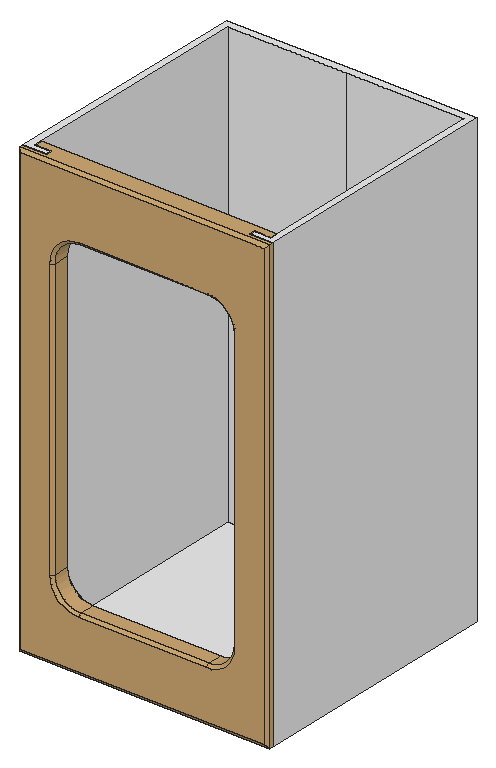
Revit family "Sanitary_Dispenser_Dandent_MSH200_Masks-Dispenser", category Furniture, Revit 2017
Family settings
  OmniClass Number = 23.40.70.11.14.21
  OmniClass Title = Health Care Furniture
  Work Plane-Based = No
  Always vertical = Yes
  Cut with Voids When Loaded = No
  Shared = No
  Room Calculation Point = No
Parameters (values of type "Mask dispenser - MSH200")
  WarrantyStartDate [instance] = "n/a"
  WarrantyGuarantorParts = "n/a"
  WarrantyGuarantorLabor = "n/a"
  WarrantyDurationUnit = "Year"
  WarrantyDurationParts = "n/a"
  WarrantyDurationLabor = "n/a"
  WarrantyDescription = "n/a"
  VersionDate = "12/09/2019"  # constant formula
  Version = "1"  # constant formula
  Uniclass2015Reference = "Pr_40_20_76"
  Uniclass2015Description = "Sanitary accessories"
  Uniclass2 = "Pr_40_30_76"
  URL = "https://www.dandent.se/produkter/tillbehor"
  Type Comments = ""
  TagNumber [instance] = "n/a"
  SustainabilityPerformance = "n/a"
  Style = "n/a"
  Size = "108x113x195 mm"
  Shape = "Rectangular"
  SerialNumber [instance] = "n/a"
  Revision = "n/a"
  ReplacementCost = "n/a"
  ProductInformation = "n/a"
  Product data url = "https://www.bimobject.com/dandent/product/mouthpiece_holder_msh200"
  NominalLength = 108 mm
  NominalHeight = 195 mm
  NominalDepth = 113 mm
  Name = "Dandent_MSH200_Masks-Dispenser"
  NBSReference = "45-35-72/342"
  NBSDescription = "Paper roll dispensers"
  ModelReference = "n/a"
  ModelNumber = "MSH200"
  Material = "Plastic, wood"
  ManufacturerURL = "https://www.dandent.se/"
  ManufacturerName = "Dandent"
  Model = "Mask dispenser - MSH200"
  Manufacturer = "Dandent"
  MainColor = "White"
  InstallationDate [instance] = "n/a"
  IfcExportType = "UNDEFINED"  # constant formula
  IfcExportAs = "IfcFurnitureType"  # constant formula
  Grade = "n/a"
  Finish = "Front in white or compact laminate wood. Available in beech, birch and oak."
  Features = "n/a"
  ExpectedLife = "n/a"
  DurationUnit = "Year"
  DispenserSecondaryMaterial = Plastic, Opaque White
  DispenserMainMaterial [instance] = Glue-Laminated Timber
  Cost = 0
  ConvergoRefNr = "0151-1909-0006-SE"
  Constituents = "n/a"
  Color = "White"
  CodePerformance = "n/a"
  Barcode [instance] = "n/a"
  AssetIdentifier [instance] = "n/a"
  Category = "Mask dispenser"
  Brand = "Dandent"
  BIMObjectName = "Sanitary_Dispenser_Dandent_MSH200_Masks-Dispenser"
  Author = "Convergo AB"  # constant formula
  AssetType = "Movable"
  AccessibilityPerformance = "n/a"
Reference planes
  plane 1 "Center (Front/Back)": y = 0
  plane 2: z = 0
  plane 3 "Center (Left/Right)": x = 0
  plane 4: x = -54
  plane 5: x = 54
  plane 6: y = 56.5
  plane 7: y = -56.5
  plane 8: z = 195
Dimensions and locks
  equal spacing: plane 4, plane 3 "Center (Left/Right)", plane 5
  "NominalLength": plane 4 to plane 5
  equal spacing: plane 6, plane 1 "Center (Front/Back)", plane 7
  "NominalDepth": plane 6 to plane 7
  "NominalHeight": plane 8 to level
  aligned and locked: level to plane 2
Nested families
  nested 1: "Munskyddshållare, MSH200" at (0, 0, 0), Main <- "DispenserMainMaterial", Secondary <- "DispenserSecondaryMaterial", type "Munskyddshållare, MSH200"
    with Secondary Plastic, Opaque White, Main Glue-Laminated Timber
Definition of nested family "Munskyddshållare, MSH200"
  Parameters (values of type "Munskyddshållare, MSH200")
    Secondary [instance] = none
    Main [instance] = none
  Reference planes
    plane 1 "Center (Front/Back)": y = 0
    plane 2: z = 0
    plane 3 "Center (Left/Right)": x = 0
    plane 4: y = 56.5
    plane 5: y = -56.5
    plane 6: z = 195
    plane 7: x = 54
    plane 8: x = -54
  Forms (mm)
    Extrusion 1, solid, material <- "Secondary", detail levels medium+fine
      sketch origin (0, 0, 0) x (1, 0, 0) y (0, 1, 0)
        loop
          line (-44, -51) -> (-51, -51) -> (-51, 53.5) -> (0, 53.5) -> (51, 53.5) -> (51, -51) -> (44, -51) -> (44, -53.5) -> (54, -53.5) -> (54, 56.5) -> (0, 56.5) -> (-54, 56.5) -> (-54, -53.5) -> (-44, -53.5) -> (-44, -51)
      from 0 to 195
    Extrusion 2, solid, material <- "Main", detail levels medium+fine
      sketch origin (0, 0, 0) x (1, 0, 0) y (0, 0, 1)
        loop
          line (54, 195) -> (-54, 195) -> (-54, 0) -> (54, 0) -> (54, 195)
        loop
          line (27.75, 166.25) -> (-27.75, 166.25)
          arc (-27.75, 166.25) -> (-35.528, 163.028) -> (-38.75, 155.25) r 11
          line (-38.75, 155.25) -> (-38.75, 34.75)
          arc (-38.75, 34.75) -> (-35.528, 26.972) -> (-27.75, 23.75) r 11
          line (-27.75, 23.75) -> (27.75, 23.75)
          arc (27.75, 23.75) -> (35.528, 26.972) -> (38.75, 34.75) r 11
          line (38.75, 34.75) -> (38.75, 155.25)
          arc (38.75, 155.25) -> (35.528, 163.028) -> (27.75, 166.25) r 11
      from 47.5 to 56.5
    Extrusion 3, void
      sketch origin (0, 0, 0) x (1, 0, 0) y (0, 1, 0)
        loop
          line (-56.883, -53.5) -> (-44, -53.5) -> (-44, -51) -> (-51, -51) -> (-51, -47.5) -> (-56.883, -47.5) -> (-56.883, -53.5)
        loop
          line (56.883, -53.5) -> (56.883, -47.5) -> (51, -47.5) -> (51, -51) -> (44, -51) -> (44, -53.5) -> (56.883, -53.5)
      from -80.15 to 528.199
    Extrusion 4, solid, material <- "Secondary", detail levels medium+fine
      sketch origin (0, 0, 0) x (0, 1, 0) y (0, 0, 1)
        loop
          line (56.5, 0) -> (56.5, 3) -> (-51, 3) -> (-51, 10) -> (-53.5, 10) -> (-53.5, 0) -> (56.5, 0)
      from -51 to 51
    Extrusion 5, void
      sketch origin (0, 0, 0) x (0, 1, 0) y (0, 0, 1)
        loop
          line (-53.5, 3) -> (-53.5, -2.62) -> (-41, -2.62) -> (-41, 3) -> (-53.5, 3)
      from -158.741 to 178.297
    Sweep 6, void
      path in 3D
        loop
          line (-54, -56.5, 195) -> (-54, -56.5, 0) -> (54, -56.5, 0) -> (54, -56.5, 195) -> (-54, -56.5, 195)
      profile origin (0, -56.5, 195) x (0, -1, 0) y (0, 0, 1)
        loop
          line (0.384, 0.479) -> (-1.779, 0.479) -> (0.384, -1.684) -> (0.384, 0.479)
    Sweep 7, void
      path in 3D
        loop
          arc (-38.75, -56.5, 155.25) -> (-35.528, -56.5, 163.028) -> (-27.75, -56.5, 166.25) r 11
          line (-27.75, -56.5, 166.25) -> (27.75, -56.5, 166.25)
          arc (27.75, -56.5, 166.25) -> (35.528, -56.5, 163.028) -> (38.75, -56.5, 155.25) r 11
          line (38.75, -56.5, 155.25) -> (38.75, -56.5, 34.75)
          arc (38.75, -56.5, 34.75) -> (35.528, -56.5, 26.972) -> (27.75, -56.5, 23.75) r 11
          line (27.75, -56.5, 23.75) -> (-27.75, -56.5, 23.75)
          arc (-27.75, -56.5, 23.75) -> (-35.528, -56.5, 26.972) -> (-38.75, -56.5, 34.75) r 11
          line (-38.75, -56.5, 34.75) -> (-38.75, -56.5, 155.25)
      profile origin (-38.75, -56.5, 95) x (0, -1, 0) y (1, 0, 0)
        loop
          line (0.679, 0.696) -> (-1.996, 0.696) -> (0.679, -1.979) -> (0.679, 0.696)
        loop
          line (-9.798, 0.696) -> (-9.798, -2.098) -> (-7.004, 0.696) -> (-9.798, 0.696)
    Extrusion 8, solid, material <- "Main", detail levels coarse
      sketch origin (0, 0, 0) x (1, 0, 0) y (0, 1, 0)
        loop
          line (-54, 56.5) -> (-54, -56.5) -> (54, -56.5) -> (54, 56.5) -> (-54, 56.5)
      from 0 to 195
  Cuts and joins
    Extrusion 3, Extrusion 5, Sweep 6, Sweep 7 cuts Extrusion 2
    joined: Extrusion 1, Extrusion 4
  Lines and regions (mm)
    symbolic lines, detail levels medium+fine
      curve 1: line (-54, 0, 0) -> (-54, 0, 195)
      curve 2: line (54, 0, 0) -> (-54, 0, 0)
      curve 3: line (54, 0, 195) -> (54, 0, 0)
      curve 4: line (0, -55.2, 0) -> (0, 56.5, 0)
      curve 5: line (0, -56.5, 193.7) -> (0, -56.5, 1.3)
      curve 6: line (0, 56.5, 195) -> (0, -55.2, 195)
      curve 7: line (0, 56.5, 0) -> (0, 56.5, 195)
      curve 9: line (-54, 56.5, 0) -> (0, 56.5, 0)
      curve 10: line (-54, -55.25, 0) -> (-54, 56.5, 0)
      curve 11: line (0, -56.5, 0) -> (-52.75, -56.5, 0)
      curve 15: line (-54, -55.25, 0) -> (-52.75, -56.5, 0)
      curve 21: line (54, 56.5, 0) -> (0, 56.5, 0)
      curve 22: line (54, -55.25, 0) -> (54, 56.5, 0)
      curve 23: line (0, -56.5, 0) -> (52.75, -56.5, 0)
      curve 27: line (54, -55.25, 0) -> (52.75, -56.5, 0)
      curve 33: line (0, -55.2, 195) -> (0, -56.5, 193.7)
      curve 34: line (0, -55.2, 0) -> (0, -56.5, 1.3)
      curve 42: line (-54, 0, 195) -> (54, 0, 195)
    symbolic lines, detail levels fine
      curve 8: line (0, -53.5, 195) -> (0, -53.5, 0)
      curve 12: line (-51, -47.5, 0) -> (0, -47.5, 0)
      curve 13: line (-51, 53.5, 0) -> (0, 53.5, 0)
      curve 14: line (-51, -51, 0) -> (-51, 53.5, 0)
      curve 16: line (-54, -55.25, 0) -> (0, -55.25, 0)
      curve 17: line (-54, -53.5, 0) -> (-44, -53.5, 0)
      curve 18: line (-44, -53.5, 0) -> (-44, -51, 0)
      curve 19: line (-44, -51, 0) -> (-51, -51, 0)
      curve 20: line (-51, -48.8, 0) -> (0, -48.8, 0)
      curve 24: line (51, -47.5, 0) -> (0, -47.5, 0)
      curve 25: line (51, 53.5, 0) -> (0, 53.5, 0)
      curve 26: line (51, -51, 0) -> (51, 53.5, 0)
      curve 28: line (54, -55.25, 0) -> (0, -55.25, 0)
      curve 29: line (54, -53.5, 0) -> (44, -53.5, 0)
      curve 30: line (44, -53.5, 0) -> (44, -51, 0)
      curve 31: line (44, -51, 0) -> (51, -51, 0)
      curve 32: line (51, -48.8, 0) -> (0, -48.8, 0)
      curve 35: line (-52.7, 0, 1.3) -> (-52.7, 0, 193.7)
      curve 36: line (52.7, 0, 1.3) -> (-52.7, 0, 1.3)
      curve 37: line (52.7, 0, 193.7) -> (52.7, 0, 1.3)
      curve 43: line (-52.7, 0, 193.7) -> (52.7, 0, 193.7)
      curve 44: line (52.7, 0, 193.7) -> (54, 0, 195)
      curve 45: line (-52.7, 0, 193.7) -> (-54, 0, 195)
      curve 46: line (-52.7, 0, 1.3) -> (-54, 0, 0)
      curve 47: line (52.7, 0, 1.3) -> (54, 0, 0)
      curve 48: line (27.75, 0, 166.25) -> (-27.75, 0, 166.25)
      curve 49: line (-38.75, 0, 155.25) -> (-38.75, 0, 34.75)
      curve 50: line (38.75, 0, 34.75) -> (38.75, 0, 155.25)
      curve 51: line (-27.75, 0, 23.75) -> (27.75, 0, 23.75)
      curve 52: arc (-27.75, 0, 166.25) -> (-35.528, 0, 163.028) -> (-38.75, 0, 155.25) r 11
      curve 53: arc (27.75, 0, 166.25) -> (35.528, 0, 163.028) -> (38.75, 0, 155.25) r 11
      curve 54: arc (38.75, 0, 34.75) -> (35.528, 0, 26.972) -> (27.75, 0, 23.75) r 11
      curve 55: arc (-27.75, 0, 23.75) -> (-35.528, 0, 26.972) -> (-38.75, 0, 34.75) r 11
    sketch lines
      curve 38: line (54, -56.5, 195) -> (-54, -56.5, 195)
      curve 39: line (-54, -56.5, 195) -> (-54, -56.5, 0)
      curve 40: line (54, -56.5, 0) -> (54, -56.5, 195)
      curve 41: line (-54, -56.5, 0) -> (54, -56.5, 0)
      curve 56: line (-38.75, -56.5, 34.75) -> (-38.75, -56.5, 155.25)
      curve 57: arc (-27.75, -56.5, 166.25) -> (-35.528, -56.5, 163.028) -> (-38.75, -56.5, 155.25) r 11
      curve 58: line (-27.75, -56.5, 166.25) -> (27.75, -56.5, 166.25)
      curve 59: arc (38.75, -56.5, 155.25) -> (35.528, -56.5, 163.028) -> (27.75, -56.5, 166.25) r 11
      curve 60: line (38.75, -56.5, 155.25) -> (38.75, -56.5, 34.75)
      curve 61: arc (27.75, -56.5, 23.75) -> (35.528, -56.5, 26.972) -> (38.75, -56.5, 34.75) r 11
      curve 62: line (27.75, -56.5, 23.75) -> (-27.75, -56.5, 23.75)
      curve 63: arc (-38.75, -56.5, 34.75) -> (-35.528, -56.5, 26.972) -> (-27.75, -56.5, 23.75) r 11
  Dimensions and locks
    aligned and locked: level to plane 2
